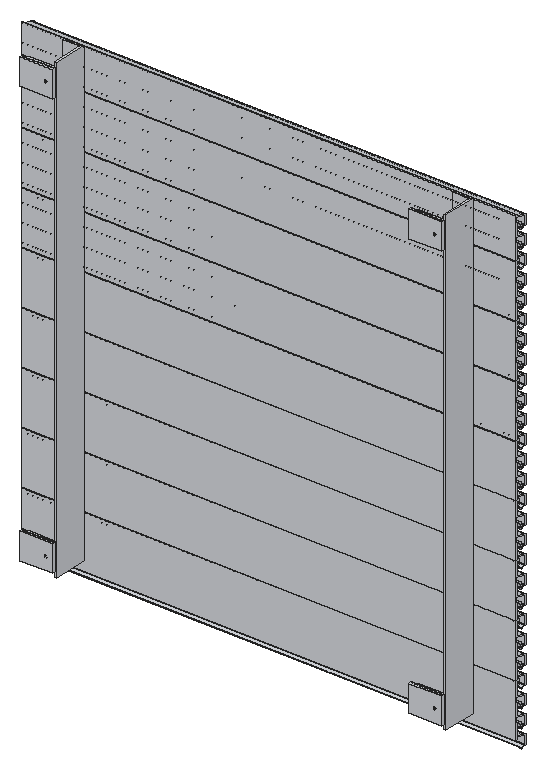
Revit family "NLRS_23_GM_WPB_HS27R gevelbekleding_jazo_jazo", category Generic Models, Revit 2020
Family settings
  Can host rebar = No
  Round Connector Dimension = Use Diameter
  Part Type = Normal
  OmniClass Number = 23.30.60.11.17.11
  OmniClass Title = Fixed Exterior Louvers and Grilles
  Work Plane-Based = Yes
  Always vertical = No
  Cut with Voids When Loaded = No
  Shared = No
  Room Calculation Point = No
Parameters (values of type "TYPECATALOG")
  Width [instance] = 1000.0 mm
  URL = "www.jazo.com"
  NLRS_C_zichtbaar_06 [instance] = if(NLRS_C_zichtbaar_01, if(and(JAZO_C_calculatie_01 < 96.9 mm, not(JAZO_C_calculatie_01 < 60.9 mm)), 1 < 2, 2 < 1), 2 < 1)  # no
  NLRS_C_zichtbaar_05 [instance] = if(NLRS_C_zichtbaar_01, if(and(JAZO_C_calculatie_01 < 132.9 mm, not(JAZO_C_calculatie_01 < 96.9 mm)), 1 < 2, 2 < 1), 2 < 1)  # no
  NLRS_C_zichtbaar_04 [instance] = if(NLRS_C_zichtbaar_01, if(NLRS_C_diepte < (NLRS_C_diepte_02 + 42.0 mm), 1 < 2, 1 > 2), 2 < 1)  # no
  NLRS_C_zichtbaar_03 [instance] = if(NLRS_C_zichtbaar_01, if(not(NLRS_C_diepte < (NLRS_C_diepte_02 + 42.0 mm)), 1 < 2, 1 > 2), 2 < 1)  # yes
  NLRS_C_zichtbaar_02 [instance] = if(NLRS_C_breedte > 6000.0 mm, 1 < 2, 2 < 1)  # no
  NLRS_C_zichtbaar_01 [instance] = if(not(NLRS_C_breedte > 6000.0 mm), 1 < 2, 2 < 1)  # yes
  NLRS_C_stelruimte = 5.0 mm  # constant formula
  NLRS_C_leverancier_url = "www.jazo.com"  # constant formula
  NLRS_C_leverancier_telefoonnummer = "+31 316 - 59 29 11"  # constant formula
  NLRS_C_leverancier_postcode = "6905 DJ"  # constant formula
  NLRS_C_leverancier_plaats = "Zevenaar"  # constant formula
  NLRS_C_leverancier_email = "info@jazo.com"  # constant formula
  NLRS_C_leverancier_bedrijfsnaam = "JAZO Zevenaar bv"  # constant formula
  NLRS_C_leverancier_adres = "Handelsdwarsstraat 10"  # constant formula
  NLRS_C_lengte_01 [instance] = NLRS_C_aantal_01 * 108.0 mm  # 864.0 mm
  NLRS_C_hoogte_min = 360.0 mm  # constant formula
  NLRS_C_hoogte_02 [instance] = NLRS_C_hoogte - 6.8 mm - 77.5 mm - 25.0 mm  # 890.7 mm
  NLRS_C_hoogte_01 [instance] = NLRS_C_hoogte + (NLRS_C_stelruimte * 2)  # 1010.0 mm
  NLRS_C_hoogte [instance] = if(Height < NLRS_C_hoogte_min, NLRS_C_hoogte_min, Height)  # 1000.0 mm
  NLRS_C_diepte_min = if(JAZO_C_opbouwrooster HS27R, 16.0 mm + 25.0 mm, 0.0 mm)  # 41.0 mm
  NLRS_C_diepte_max = if(JAZO_C_opbouwrooster HS27R, 300.0 mm + 25.0 mm, 0.0 mm)  # 325.0 mm
  NLRS_C_diepte_02 = if(JAZO_C_opbouwrooster HS27R, 25.0 mm, 0.0 mm)  # 25.0 mm
  NLRS_C_diepte_01 [instance] = if(NLRS_C_diepte < NLRS_C_diepte_min, NLRS_C_diepte_min, if(NLRS_C_diepte > NLRS_C_diepte_max, NLRS_C_diepte_max, NLRS_C_diepte))  # 100.0 mm
  NLRS_C_diepte [instance] = Diepte  # 100.0 mm
  NLRS_C_content_versie = "2.3"  # constant formula
  NLRS_C_content_revit versie = "REVIT 2020.2"  # constant formula
  NLRS_C_content_provider = "JAZO Zevenaar bv"  # constant formula
  NLRS_C_content_datum uitgifte = "17-8-2022"  # constant formula
  NLRS_C_content_datum gewijzigd = "9-11-2022"  # constant formula
  NLRS_C_content_creator = "JAZO Zevenaar bv"  # constant formula
  NLRS_C_breedte_min [instance] = 350.0 mm  # constant formula
  NLRS_C_breedte_03 [instance] = if(NLRS_C_breedte > 6001.0 mm, NLRS_C_breedte, 6001.0 mm)  # 6001.0 mm
  NLRS_C_breedte_02 [instance] = if(NLRS_C_breedte < 6000.0 mm, if(NLRS_C_breedte < NLRS_C_breedte_min, NLRS_C_breedte_min, NLRS_C_breedte), 6000.0 mm)  # 1000.0 mm
  NLRS_C_breedte_01 [instance] = NLRS_C_breedte + (NLRS_C_stelruimte * 2)  # 1010.0 mm
  NLRS_C_breedte [instance] = Width  # 1000.0 mm
  NLRS_C_aantal_03 [instance] = rounddown(NLRS_C_breedte_03 / 6000.0 mm) + 1  # 2
  NLRS_C_aantal_02 [instance] = roundup(NLRS_C_breedte / 1000.0 mm) + 1  # 2
  NLRS_C_aantal_01 [instance] = rounddown(NLRS_C_hoogte_02 / 108.0 mm)  # 8
  NLRS_C_aantal [instance] = rounddown(NLRS_C_breedte_03 / 6000.0 mm)  # 1
  Model = "HS27R gevelbekleding"  # constant formula
  Manufacturer = "JAZO Zevenaar bv"  # constant formula
  MIN HEIGHT [instance] = NLRS_C_hoogte_min  # 360.0 mm
  MIN DIEPTE [instance] = NLRS_C_diepte_min  # 41.0 mm
  MIN WIDTH [instance] = NLRS_C_breedte_min  # 350.0 mm
  MAX DIEPTE [instance] = NLRS_C_diepte_max  # 325.0 mm
  JAZO_C_opbouwrooster HS27R = 1 < 2  # yes
  JAZO_C_materiaal schoep = none
  JAZO_C_materiaal bevestiging gevelbekleding = none
  JAZO_C_calculatie_02 [instance] = (NLRS_C_breedte_03 / (1 + NLRS_C_aantal)) - 1.0 mm  # 2999.5 mm
  JAZO_C_calculatie_01 [instance] = NLRS_C_hoogte - NLRS_C_lengte_01 - 77.5 mm - 6.8 mm  # 51.7 mm
  Height [instance] = 1000.0 mm
  Diepte [instance] = 100.0 mm
  Description = "HS27R gevelbekleding"  # constant formula
  Default Elevation = 0.0 mm
  Assembly Code = "23.30.60.11.17.11"
Reference planes
  plane 1 "Center (Front/Back)": y = 0
  plane 2 "stelruimte o": z = 0
  plane 3 "Center (Left/Right)": x = 0
  plane 4 "Left": x = -500
  plane 5 "Right": x = 500
  plane 6 "stelruimte l": x = -505
  plane 7 "stelruimte r": x = 505
  plane 8: y = 100
  plane 9 "stelruimte b": z = 1010
  plane 10 "Center (Elevation)": z = 505
  plane 11 "Top": z = 1005
  plane 12 "Bottom": z = 5
  plane 13 "start schoep": z = 998.2
  plane 14 "sectie 1": z = 920.7
  plane 15 "sectie 2": z = 56.7
  plane 16 "left 1": x = -500
  plane 17 "right 1": x = 500
  plane 18 "left 2": x = -3000.5
  plane 19 "right 2": x = 3000.5
Dimensions and locks
  equal spacing: plane 4 "Left", plane 3 "Center (Left/Right)", plane 5 "Right"
  "NLRS_C_breedte": plane 4 "Left" to plane 5 "Right"
  equal spacing: plane 6 "stelruimte l", plane 3 "Center (Left/Right)", plane 7 "stelruimte r"
  "NLRS_C_breedte_01": plane 6 "stelruimte l" to plane 7 "stelruimte r"
  "NLRS_C_diepte_01": plane 1 "Center (Front/Back)" to plane 8
  equal spacing: plane 9 "stelruimte b", plane 10 "Center (Elevation)", plane 2 "stelruimte o"
  "NLRS_C_hoogte": plane 11 "Top" to plane 12 "Bottom"
  equal spacing: plane 11 "Top", plane 10 "Center (Elevation)", plane 12 "Bottom"
  "NLRS_C_hoogte_01": plane 9 "stelruimte b" to plane 2 "stelruimte o"
  locked: plane 11 "Top" to plane 13 "start schoep" at 6.8
  locked: plane 13 "start schoep" to plane 14 "sectie 1" at 77.5
  group 1 to group 2 = 782.0 mm
  group 1 to group 2 = 0.0 mm  (x2)
  group 3 to group 4 = 782.0 mm
  group 3 to group 4 = 0.0 mm  (x2)
  equal spacing: group 5, group 6, group 9, group 10, group 11, group 12, group 13, group 14  (x2)
  equal spacing: group 14, group 13, group 12, group 11, group 10, group 9, group 6, group 5
  locked: plane 14 "sectie 1" to nested 7 at 108
  "NLRS_C_breedte_02": plane 16 "left 1" to plane 17 "right 1"
  equal spacing: plane 16 "left 1", plane 3 "Center (Left/Right)", plane 17 "right 1"
  locked: plane 16 "left 1" to nested 1 at 109
  locked: plane 16 "left 1" to nested 3 at 109
  locked: nested 2 to plane 17 "right 1" at 109
  locked: nested 4 to plane 17 "right 1" at 109
  equal spacing: plane 18 "left 2", plane 3 "Center (Left/Right)", plane 19 "right 2"
  "NLRS_C_breedte_03": plane 18 "left 2" to plane 19 "right 2"
  group 7 to group 8 = 3001.5 mm
  group 7 to group 8 = 0.0 mm  (x2)
  "NLRS_C_lengte_01": plane 14 "sectie 1" to plane 15 "sectie 2"
  aligned and locked: level to plane 2 "stelruimte o"
  aligned and locked: nested 1 to plane 1 "Center (Front/Back)"
  aligned and locked: plane 11 "Top" to nested 1
  aligned and locked: nested 2 to plane 1 "Center (Front/Back)"
  aligned and locked: plane 11 "Top" to nested 2
  aligned and locked: plane 1 "Center (Front/Back)" to nested 3
  aligned and locked: plane 3 "Center (Left/Right)" to nested 5
  aligned and locked: plane 8 to nested 5
  aligned and locked: plane 13 "start schoep" to nested 5
  aligned and locked: plane 3 "Center (Left/Right)" to nested 6
  aligned and locked: plane 8 to nested 6
  aligned and locked: plane 14 "sectie 1" to nested 6
  aligned and locked: plane 8 to nested 7
  aligned and locked: plane 1 "Center (Front/Back)" to nested 4
  aligned and locked: plane 8 to nested 9
  aligned and locked: plane 15 "sectie 2" to nested 9
  aligned and locked: plane 15 "sectie 2" to nested 8
  aligned and locked: plane 8 to nested 8
  aligned and locked: plane 18 "left 2" to nested 10
  aligned and locked: nested 11 to plane 19 "right 2"
  aligned and locked: nested 10 to plane 1 "Center (Front/Back)"
  aligned and locked: plane 1 "Center (Front/Back)" to nested 11
  aligned and locked: nested 3 to plane 11 "Top"
  aligned and locked: nested 4 to plane 11 "Top"
  aligned and locked: plane 3 "Center (Left/Right)" to nested 12
  aligned and locked: nested 12 to plane 8
Nested families
  nested 1: "NLRS_31_GM_UN_bracket los-AV" at (-391, 100, 5) x (-1, 0, 0) z (0, 0, 1), NLRS_C_zichtbaar_01 <- "NLRS_C_zichtbaar_03", type "bracket los"
    with NLRS_C_zichtbaar_01 yes, NLRS_C_hoogte 1000.0 mm, NLRS_C_diepte_max 325.0 mm, NLRS_C_diepte_02 25.0 mm, NLRS_C_diepte_01 100.0 mm, NLRS_C_diepte 100.0 mm, NLRS_C_aantal 2, JAZO_C_opbouwrooster HS50R no, JAZO_C_opbouwrooster HS27R yes
  nested 2: "NLRS_31_GM_UN_bracket los-AV" at (391, 100, 5) x (-1, 0, 0) z (0, 0, 1), NLRS_C_zichtbaar_01 <- "NLRS_C_zichtbaar_03", type "bracket los"
    with NLRS_C_zichtbaar_01 yes, NLRS_C_hoogte 1000.0 mm, NLRS_C_diepte_max 325.0 mm, NLRS_C_diepte_02 25.0 mm, NLRS_C_diepte_01 100.0 mm, NLRS_C_diepte 100.0 mm, NLRS_C_aantal 2, JAZO_C_opbouwrooster HS50R no, JAZO_C_opbouwrooster HS27R yes
  nested 3: "NLRS_31_GM_UN_omega los-AV" at (-391, 67, 5), NLRS_C_zichtbaar_01 <- "NLRS_C_zichtbaar_04", type "omega los"
    with NLRS_C_zichtbaar_01 no, NLRS_C_hoogte 1000.0 mm, NLRS_C_diepte 100.0 mm
  nested 4: "NLRS_31_GM_UN_omega los-AV" at (391, 67, 5), NLRS_C_zichtbaar_01 <- "NLRS_C_zichtbaar_04", type "omega los"
    with NLRS_C_zichtbaar_01 no, NLRS_C_hoogte 1000.0 mm, NLRS_C_diepte 100.0 mm
  nested 5: "NLRS_31_GM_UN_start skin schoep HS27R-AV" at (0, 87.5, 895.754), NLRS_C_zichtbaar_01 <- "NLRS_C_zichtbaar_01", type "start skin schoep"
    with NLRS_C_zichtbaar_01 yes, NLRS_C_breedte 1000.0 mm
  nested 6: "NLRS_31_GM_UN_skin schoep HS27R stack-AV" at (0, 87.5, 787.764), NLRS_C_zichtbaar_01 <- "NLRS_C_zichtbaar_01", type "skin schoep stack"
    with NLRS_C_zichtbaar_01 yes, NLRS_C_breedte 1000.0 mm
  nested 7: "NLRS_31_GM_UN_skin schoep HS27R stack-AV" at (0, 87.5, 679.764), NLRS_C_zichtbaar_01 <- "NLRS_C_zichtbaar_01", type "skin schoep stack"
    with NLRS_C_zichtbaar_01 yes, NLRS_C_breedte 1000.0 mm
  nested 8: "NLRS_31_GM_UN_skin schoep HS27R enkel-AV" at (0, 87.5, -4.204), NLRS_C_zichtbaar_01 <- "NLRS_C_zichtbaar_06", type "skin schoep"
    with NLRS_C_zichtbaar_01 no, NLRS_C_breedte 1000.0 mm
  nested 9: "NLRS_31_GM_UN_skin schoep HS27R dubbel-AV" at (0, 87.5, -40.204), NLRS_C_zichtbaar_01 <- "NLRS_C_zichtbaar_05", type "skin schoep"
    with NLRS_C_zichtbaar_01 no, NLRS_C_breedte 1000.0 mm
  nested 10: "NLRS_23_GM_WPB_jazo skin HS27R los_jazo_jazo" at (-1500.75, 0, 0), NLRS_C_breedte <- "JAZO_C_calculatie_02", NLRS_C_hoogte <- "NLRS_C_hoogte", NLRS_C_diepte <- "NLRS_C_diepte", NLRS_C_zichtbaar_02 <- "NLRS_C_zichtbaar_02", type "HS27R jazo skin los"
    with NLRS_C_zichtbaar_06 no, NLRS_C_zichtbaar_05 no, NLRS_C_zichtbaar_04 no, NLRS_C_zichtbaar_03 yes, NLRS_C_zichtbaar_02 no, NLRS_C_zichtbaar_01 yes, NLRS_C_lengte_01 864.0 mm, NLRS_C_hoogte_02 890.7 mm, NLRS_C_hoogte_01 1010.0 mm, NLRS_C_hoogte 1000.0 mm, NLRS_C_diepte_01 100.0 mm, NLRS_C_diepte 100.0 mm, NLRS_C_breedte_01 3009.5 mm, NLRS_C_breedte 2999.5 mm, NLRS_C_aantal_02 4, NLRS_C_aantal_01 8, JAZO_C_calculatie_01 51.7 mm
  nested 11: "NLRS_23_GM_WPB_jazo skin HS27R los_jazo_jazo" at (1500.75, 0, 0), NLRS_C_breedte <- "JAZO_C_calculatie_02", NLRS_C_hoogte <- "NLRS_C_hoogte", NLRS_C_diepte <- "NLRS_C_diepte", NLRS_C_zichtbaar_02 <- "NLRS_C_zichtbaar_02", type "HS27R jazo skin los"
    with NLRS_C_zichtbaar_06 no, NLRS_C_zichtbaar_05 no, NLRS_C_zichtbaar_04 no, NLRS_C_zichtbaar_03 yes, NLRS_C_zichtbaar_02 no, NLRS_C_zichtbaar_01 yes, NLRS_C_lengte_01 864.0 mm, NLRS_C_hoogte_02 890.7 mm, NLRS_C_hoogte_01 1010.0 mm, NLRS_C_hoogte 1000.0 mm, NLRS_C_diepte_01 100.0 mm, NLRS_C_diepte 100.0 mm, NLRS_C_breedte_01 3009.5 mm, NLRS_C_breedte 2999.5 mm, NLRS_C_aantal_02 4, NLRS_C_aantal_01 8, JAZO_C_calculatie_01 51.7 mm
  nested 12: "NLRS_31_GA_UN_error message skin" at (0, 100, 0), type "error message"
    with NLRS_C_zichtbaar_10 no, NLRS_C_zichtbaar_03 no, NLRS_C_hoogte 1000.0 mm, NLRS_C_diepte_min 41.0 mm, NLRS_C_diepte_max 325.0 mm
  nested 13: "NLRS_31_GM_UN_skin schoep HS27R stack-AV" at (0, 87.5, 571.764), NLRS_C_zichtbaar_01 <- "NLRS_C_zichtbaar_01", type "skin schoep stack"
    with NLRS_C_zichtbaar_01 yes, NLRS_C_breedte 1000.0 mm
  nested 14: "NLRS_31_GM_UN_skin schoep HS27R stack-AV" at (0, 87.5, 463.764), NLRS_C_zichtbaar_01 <- "NLRS_C_zichtbaar_01", type "skin schoep stack"
    with NLRS_C_zichtbaar_01 yes, NLRS_C_breedte 1000.0 mm
  nested 15: "NLRS_31_GM_UN_skin schoep HS27R stack-AV" at (0, 87.5, 355.764), NLRS_C_zichtbaar_01 <- "NLRS_C_zichtbaar_01", type "skin schoep stack"
    with NLRS_C_zichtbaar_01 yes, NLRS_C_breedte 1000.0 mm
  nested 16: "NLRS_31_GM_UN_skin schoep HS27R stack-AV" at (0, 87.5, 247.764), NLRS_C_zichtbaar_01 <- "NLRS_C_zichtbaar_01", type "skin schoep stack"
    with NLRS_C_zichtbaar_01 yes, NLRS_C_breedte 1000.0 mm
  nested 17: "NLRS_31_GM_UN_skin schoep HS27R stack-AV" at (0, 87.5, 139.764), NLRS_C_zichtbaar_01 <- "NLRS_C_zichtbaar_01", type "skin schoep stack"
    with NLRS_C_zichtbaar_01 yes, NLRS_C_breedte 1000.0 mm
  nested 18: "NLRS_31_GM_UN_skin schoep HS27R stack-AV" at (0, 87.5, 31.764), NLRS_C_zichtbaar_01 <- "NLRS_C_zichtbaar_01", type "skin schoep stack"
    with NLRS_C_zichtbaar_01 yes, NLRS_C_breedte 1000.0 mm
Definition of nested family "NLRS_31_GM_UN_bracket los-AV"
  Parameters (values of type "bracket los")
    URL = "www.jazo.com"
    NLRS_C_zichtbaar_01 [instance] = yes
    NLRS_C_stelruimte_02 = 66.3 mm  # constant formula
    NLRS_C_stelruimte_01 = 6.8 mm  # constant formula
    NLRS_C_materiaal = none
    NLRS_C_lengte = 30.0 mm  # constant formula
    NLRS_C_hoogte = 1200.0 mm
    NLRS_C_diepte_min = 67.0 mm  # constant formula
    NLRS_C_diepte_max = 300.0 mm + NLRS_C_diepte_02  # 366.5 mm
    NLRS_C_diepte_02 = if(JAZO_C_opbouwrooster HS27R, 25.0 mm, if(JAZO_C_opbouwrooster HS42R, 45.0 mm, if(JAZO_C_opbouwrooster HS50R, 66.5 mm, 0.0 mm)))  # 66.5 mm
    NLRS_C_diepte_01 = if(NLRS_C_diepte < NLRS_C_diepte_min, NLRS_C_diepte_min, if(NLRS_C_diepte > NLRS_C_diepte_max, NLRS_C_diepte_max, NLRS_C_diepte))  # 150.0 mm
    NLRS_C_diepte = 150.0 mm
    NLRS_C_aantal = roundup(NLRS_C_hoogte / 1000.0 mm) + 1  # 3
    Model = ""
    Manufacturer = "JAZO Zevenaar bv"
    JAZO_C_opbouwrooster HS50R = yes
    JAZO_C_opbouwrooster HS42R = no
    JAZO_C_opbouwrooster HS27R = no
    Description = "bracket los"
    Default Elevation = 0.0 mm
    Assembly Code = "23.30.60.11.17.11"
  Reference planes
    plane 1 "Center (Front/Back)": y = 0
    plane 2 "Bottom": z = 0
    plane 3 "Center (Left/Right)": x = 0
    plane 4 "Top": z = 1200
    plane 5 "wand": y = 150
    plane 6 "bevestiging": y = 120
    plane 7 "onderkant bracket": z = 66.3
    plane 8 "bovenkant bracket": z = 1193.2
    plane 9 "bovenkant schoepen": y = 66.5
  Forms (mm)
    Extrusion 1, solid, material <- "NLRS_C_materiaal", visible <- "NLRS_C_zichtbaar_01"
      sketch origin (-17, 0, 0) x (-1, 0, 0) y (0, -1, 0)
        loop
          line (-36, -66.5) -> (-36, -70.5) -> (-2, -70.5) -> (-2, -143) -> (2, -143) -> (2, -66.5) -> (-36, -66.5)
      from 66.3 to 1193.2
  Dimensions and locks
    "NLRS_C_diepte_01": plane 1 "Center (Front/Back)" to plane 5 "wand"
    "NLRS_C_lengte": plane 5 "wand" to plane 6 "bevestiging"
    "NLRS_C_hoogte": plane 4 "Top" to plane 2 "Bottom"
    "NLRS_C_stelruimte_02": plane 7 "onderkant bracket" to plane 2 "Bottom"
    "NLRS_C_stelruimte_01": plane 4 "Top" to plane 8 "bovenkant bracket"
    "NLRS_C_diepte_02": plane 1 "Center (Front/Back)" to plane 9 "bovenkant schoepen"
    locked: plane 8 "bovenkant bracket" to nested 1 at 10
    equal spacing: group 1, group 3, group 2  (x2)
    equal spacing: group 2, group 3, group 1
    locked: nested 2 to plane 7 "onderkant bracket" at 10
    locked: plane 5 "wand" to Extrusion 1 at 7
    locked: plane 3 "Center (Left/Right)" to Extrusion 1 at 19
    locked: Extrusion 1 to plane 3 "Center (Left/Right)" at 19
    aligned and locked: level to plane 2 "Bottom"
    aligned and locked: plane 5 "wand" to nested 1
    aligned and locked: plane 8 "bovenkant bracket" to Extrusion 1
    aligned and locked: Extrusion 1 to plane 7 "onderkant bracket"
    aligned and locked: nested 2 to plane 6 "bevestiging"
    aligned and locked: Extrusion 1 to plane 9 "bovenkant schoepen"
  Automatic sketch dimensions
    Extrusion 1 sketch curve to plane 9 "bovenkant schoepen" = 0.0 mm
    Extrusion 1 sketch curve to plane 3 "Center (Left/Right)" = 19.0 mm
    plane 3 "Center (Left/Right)" to Extrusion 1 sketch curve = 15.0 mm
    plane 3 "Center (Left/Right)" to Extrusion 1 sketch curve = 19.0 mm
    Extrusion 1 sketch curve to plane 9 "bovenkant schoepen" = 4.0 mm
    Extrusion 1 sketch curve to plane 6 "bevestiging" = 23.0 mm
  Nested families
    nested 1: "NLRS_31_GM_UN_bracket bevestiging-AV" at (16.5, 120, 1130.2), visible <- "NLRS_C_zichtbaar_01", type "bracket bevestiging"
      with NLRS_C_diepte 30.0 mm, NLRS_C_afstand 21.0 mm
    nested 2: "NLRS_31_GM_UN_bracket bevestiging-AV" at (16.5, 120, 76.3), visible <- "NLRS_C_zichtbaar_01", type "bracket bevestiging"
      with NLRS_C_diepte 30.0 mm, NLRS_C_afstand 21.0 mm
    nested 3: "NLRS_31_GM_UN_bracket bevestiging-AV" at (16.5, 120, 603.25), visible <- "NLRS_C_zichtbaar_01", type "bracket bevestiging"
      with NLRS_C_diepte 30.0 mm, NLRS_C_afstand 21.0 mm
  Definition of nested family "NLRS_31_GM_UN_bracket bevestiging-AV"
    Parameters (values of type "bracket bevestiging")
      URL = "www.jazo.com"
      NLRS_C_zichtbaar_01 = yes
      NLRS_C_materiaal = none
      NLRS_C_diepte = 200.0 mm
      NLRS_C_afstand = NLRS_C_diepte - 9.0 mm  # 191.0 mm
      Model = ""
      Manufacturer = "JAZO Zevenaar bv"
      Description = "bracket bevestiging"
      Default Elevation = 0.0 mm
      Assembly Code = "23.30.60.11.17.11"
    Reference planes
      plane 1 "Center (Front/Back)": y = 0
      plane 2 "Bottom": z = 0
      plane 3 "Center (Left/Right)": x = 0
      plane 4 "Top": z = 53
      plane 5 "wand": y = 200
    Forms (mm)
      Extrusion 1, solid, material <- "NLRS_C_materiaal", visible <- "NLRS_C_zichtbaar_01"
        sketch origin (0.5, 41.5, 0) x (1, 0, 0) y (0, 1, 0)
          loop
            line (-32, -41.5) -> (-28, -41.5) -> (-28, 149.5) -> (20, 149.5) -> (22, 151.5) -> (32, 151.5) -> (32, 153.5) -> (-32, 153.5) -> (-32, -41.5)
        from 0 to 53
      Extrusion 2, solid, material <- "NLRS_C_materiaal", visible <- "NLRS_C_zichtbaar_01"
        sketch origin (0.5, 41.5, 0) x (1, 0, 0) y (0, 1, 0)
          loop
            line (32, 153.5) -> (32, 158.5) -> (-33, 158.5) -> (-33, 153.5) -> (32, 153.5)
        from 0 to 53
      Extrusion 3, void
        sketch origin (-0.412, 0, -0.145) x (1, 0, 0) y (0, 0, 1)
          loop
            circle (-19.588, 26.645) r 2.5
        from -200 to -191
      Extrusion 4, void
        sketch origin (0, -2.095, -0.377) x (0, 1, 0) y (0, 0, 1)
          loop
            circle (13.595, 35.877) r 2.5
        from -31.5 to -27.5
      Extrusion 5, void
        sketch origin (0, -2.095, -18.377) x (0, 1, 0) y (0, 0, 1)
          loop
            circle (13.595, 35.877) r 2.5
        from -31.5 to -27.5
    Cuts and joins
      Extrusion 3, Extrusion 4, Extrusion 5 cuts Extrusion 1
      Extrusion 3 cuts Extrusion 2
    Dimensions and locks
      "NLRS_C_diepte": plane 1 "Center (Front/Back)" to plane 5 "wand"
      "NLRS_C_afstand": plane 1 "Center (Front/Back)" to Extrusion 1
      aligned and locked: level to plane 2 "Bottom"
      aligned and locked: Extrusion 3 to plane 5 "wand"
      aligned and locked: Extrusion 1 to Extrusion 3
      aligned and locked: Extrusion 1 to Extrusion 4  (x2)
      aligned and locked: Extrusion 1 to Extrusion 5  (x2)
    Automatic sketch dimensions
      plane 1 "Center (Front/Back)" to Extrusion 1 sketch curve = 0.0 mm
      Extrusion 1 sketch curve to plane 5 "wand" = 5.0 mm
      plane 3 "Center (Left/Right)" to Extrusion 1 sketch curve = 31.5 mm
      Extrusion 1 sketch curve to Extrusion 1 sketch curve = 4.0 mm
      Extrusion 1 sketch curve to plane 5 "wand" = 9.0 mm
      Extrusion 1 sketch curve to plane 3 "Center (Left/Right)" = 20.5 mm
      Extrusion 1 sketch curve to Extrusion 1 sketch curve = 2.0 mm  (x2)
      Extrusion 1 sketch curve to Extrusion 1 sketch curve = 10.0 mm
      plane 5 "wand" to Extrusion 2 sketch curve = 0.0 mm
      Extrusion 2 sketch curve to plane 5 "wand" = 5.0 mm
      plane 3 "Center (Left/Right)" to Extrusion 2 sketch curve = 32.5 mm
      Extrusion 2 sketch curve to plane 3 "Center (Left/Right)" = 32.5 mm
      Extrusion 3 sketch curve to plane 3 "Center (Left/Right)" = 20.0 mm
      Extrusion 3 sketch curve to plane 4 "Top" = 26.5 mm
      Extrusion 4 sketch curve to plane 1 "Center (Front/Back)" = 11.5 mm
      Extrusion 4 sketch curve to plane 4 "Top" = 17.5 mm
      Extrusion 5 sketch curve to plane 1 "Center (Front/Back)" = 11.5 mm
      level to Extrusion 5 sketch curve = 17.5 mm
      radius of Extrusion 3 sketch curve = 2.5 mm
      radius of Extrusion 4 sketch curve = 2.5 mm
      radius of Extrusion 5 sketch curve = 2.5 mm
Definition of nested family "NLRS_31_GM_UN_start skin schoep HS27R-AV"
  Parameters (values of type "start skin schoep")
    URL = "www.jazo.com"
    NLRS_C_zichtbaar_01 [instance] = yes
    NLRS_C_stelruimte_01 = 4.0 mm  # constant formula
    NLRS_C_materiaal = none
    NLRS_C_breedte = 750.0 mm
    Model = ""
    Manufacturer = "JAZO Zevenaar bv"
    Description = "start skin schoep"
    Default Elevation = 0.0 mm
    Assembly Code = "23.30.60.11.17.11"
  Reference planes
    plane 1 "Center (Front/Back)": y = 0
    plane 2 "Bottom": z = 0
    plane 3 "Center (Left/Right)": x = 0
    plane 4 "Left": x = -375
    plane 5 "Right": x = 375
    plane 6 "Top": z = 102.446
    plane 7 "schoep l": x = -371
    plane 8 "schoep r": x = 371
    plane 9 "voorkant schoep": y = 12.5
    plane 10 "achterkant schoep": y = -12.5
  Forms (mm)
    Extrusion 1, solid, material <- "NLRS_C_materiaal", visible <- "NLRS_C_zichtbaar_01"
      sketch origin (0, -12.5, 0) x (0, -1, 0) y (0, 0, -1)
        loop
          arc (-15.667, -1.769) -> (-15.031, -0.667) -> (-16.133, -0.031) r 0.9
          line (-16.133, -0.031) -> (-24.259, -2.208)
          arc (-24.259, -2.208) -> (-24.793, -2.565) -> (-25, -3.174) r 1
          line (-25, -3.174) -> (-25, -21.639)
          arc (-25, -21.639) -> (-24.793, -22.248) -> (-24.259, -22.605) r 1
          line (-24.259, -22.605) -> (-2.641, -28.398)
          arc (-2.641, -28.398) -> (-2.107, -28.755) -> (-1.9, -29.364) r 1
          line (-1.9, -29.364) -> (-1.9, -49.501)
          arc (-1.9, -49.501) -> (-2.291, -50.295) -> (-3.159, -50.467) r 1
          line (-3.159, -50.467) -> (-11.106, -48.338)
          arc (-11.106, -48.338) -> (-11.555, -48.079) -> (-11.813, -47.631) r 1
          line (-11.813, -47.631) -> (-14.744, -36.694)
          arc (-14.744, -36.694) -> (-15.21, -36.087) -> (-15.969, -35.987) r 1
          line (-15.969, -35.987) -> (-24.259, -38.208)
          arc (-24.259, -38.208) -> (-24.793, -38.565) -> (-25, -39.174) r 1
          line (-25, -39.174) -> (-25, -57.639)
          arc (-25, -57.639) -> (-24.793, -58.248) -> (-24.259, -58.605) r 1
          line (-24.259, -58.605) -> (-2.641, -64.398)
          arc (-2.641, -64.398) -> (-2.107, -64.755) -> (-1.9, -65.364) r 1
          line (-1.9, -65.364) -> (-1.9, -85.501)
          arc (-1.9, -85.501) -> (-2.291, -86.295) -> (-3.159, -86.467) r 1
          line (-3.159, -86.467) -> (-11.106, -84.338)
          arc (-11.106, -84.338) -> (-11.555, -84.079) -> (-11.813, -83.631) r 1
          line (-11.813, -83.631) -> (-14.744, -72.694)
          arc (-14.744, -72.694) -> (-15.21, -72.087) -> (-15.969, -71.987) r 1
          line (-15.969, -71.987) -> (-24.259, -74.208)
          arc (-24.259, -74.208) -> (-24.793, -74.565) -> (-25, -75.174) r 1
          line (-25, -75.174) -> (-25, -93.639)
          arc (-25, -93.639) -> (-24.793, -94.248) -> (-24.259, -94.605) r 1
          line (-24.259, -94.605) -> (-2.641, -100.398)
          arc (-2.641, -100.398) -> (-2.107, -100.755) -> (-1.9, -101.364) r 1
          line (-1.9, -101.364) -> (-1.9, -102.446) -> (0, -102.446) -> (0, -20.736) -> (-2.687, -20.736) -> (-2.687, -22.936) -> (-1.9, -22.936) -> (-1.9, -25.015)
          arc (-1.9, -25.015) -> (-2.291, -25.809) -> (-3.159, -25.981) r 1
          line (-3.159, -25.981) -> (-22.459, -20.81)
          arc (-22.459, -20.81) -> (-22.993, -20.453) -> (-23.2, -19.844) r 1
          line (-23.2, -19.844) -> (-23.2, -4.555)
          arc (-23.2, -4.555) -> (-22.993, -3.946) -> (-22.459, -3.589) r 1
          line (-22.459, -3.589) -> (-15.667, -1.769)
        loop
          arc (-15.734, -38.408) -> (-16.2, -37.801) -> (-16.959, -37.701) r 1
          line (-16.959, -37.701) -> (-22.859, -39.282)
          arc (-22.859, -39.282) -> (-23.393, -39.639) -> (-23.6, -40.248) r 1
          line (-23.6, -40.248) -> (-23.6, -56.565)
          arc (-23.6, -56.565) -> (-23.393, -57.174) -> (-22.859, -57.531) r 1
          line (-22.859, -57.531) -> (-2.659, -62.944)
          arc (-2.659, -62.944) -> (-1.791, -62.771) -> (-1.4, -61.978) r 1
          line (-1.4, -61.978) -> (-1.4, -53.155)
          arc (-1.4, -53.155) -> (-1.607, -52.546) -> (-2.141, -52.189) r 1
          line (-2.141, -52.189) -> (-12.249, -49.481)
          arc (-12.249, -49.481) -> (-12.698, -49.222) -> (-12.956, -48.774) r 1
          line (-12.956, -48.774) -> (-15.734, -38.408)
        loop
          arc (-15.734, -74.408) -> (-16.2, -73.801) -> (-16.959, -73.701) r 1
          line (-16.959, -73.701) -> (-22.859, -75.282)
          arc (-22.859, -75.282) -> (-23.393, -75.639) -> (-23.6, -76.248) r 1
          line (-23.6, -76.248) -> (-23.6, -92.565)
          arc (-23.6, -92.565) -> (-23.393, -93.174) -> (-22.859, -93.531) r 1
          line (-22.859, -93.531) -> (-2.659, -98.944)
          arc (-2.659, -98.944) -> (-1.791, -98.771) -> (-1.4, -97.978) r 1
          line (-1.4, -97.978) -> (-1.4, -89.155)
          arc (-1.4, -89.155) -> (-1.607, -88.546) -> (-2.141, -88.189) r 1
          line (-2.141, -88.189) -> (-12.249, -85.481)
          arc (-12.249, -85.481) -> (-12.698, -85.222) -> (-12.956, -84.774) r 1
          line (-12.956, -84.774) -> (-15.734, -74.408)
      from -371 to 371
  Dimensions and locks
    equal spacing: plane 4 "Left", plane 3 "Center (Left/Right)", plane 5 "Right"
    "NLRS_C_breedte": plane 4 "Left" to plane 5 "Right"
    "NLRS_C_stelruimte_01": plane 4 "Left" to plane 7 "schoep l"
    "NLRS_C_stelruimte_01": plane 8 "schoep r" to plane 5 "Right"
    aligned and locked: level to plane 2 "Bottom"
    aligned and locked: Extrusion 1 to plane 8 "schoep r"
    aligned and locked: Extrusion 1 to plane 7 "schoep l"
  Automatic sketch dimensions
    Extrusion 1 sketch curve to plane 6 "Top" = 0.0 mm
    level to Extrusion 1 sketch curve = 3.174 mm
    Extrusion 1 sketch curve to plane 1 "Center (Front/Back)" = 12.5 mm  (x3)
    level to Extrusion 1 sketch curve = 2.208 mm
    Extrusion 1 sketch curve to Extrusion 1 sketch curve = 0.741 mm  (x8)
    Extrusion 1 sketch curve to Extrusion 1 sketch curve = 0.259 mm  (x26)
    Extrusion 1 sketch curve to Extrusion 1 sketch curve = 1.0 mm  (x10)
    Extrusion 1 sketch curve to Extrusion 1 sketch curve = 0.4 mm  (x2)
    Extrusion 1 sketch curve to Extrusion 1 sketch curve = 0.8 mm
    Extrusion 1 sketch curve to Extrusion 1 sketch curve = 1.141 mm  (x4)
    level to Extrusion 1 sketch curve = 3.589 mm
    Extrusion 1 sketch curve to plane 1 "Center (Front/Back)" = 4.459 mm  (x2)
    level to Extrusion 1 sketch curve = 0.031 mm
    Extrusion 1 sketch curve to plane 1 "Center (Front/Back)" = 3.633 mm
    Extrusion 1 sketch curve to Extrusion 1 sketch curve = 0.99 mm  (x2)
    Extrusion 1 sketch curve to Extrusion 1 sketch curve = 0.233 mm  (x2)
    Extrusion 1 sketch curve to Extrusion 1 sketch curve = 0.966 mm  (x4)
    Extrusion 1 sketch curve to plane 1 "Center (Front/Back)" = 0.456 mm  (x2)
    plane 1 "Center (Front/Back)" to Extrusion 1 sketch curve = 0.251 mm  (x2)
    plane 1 "Center (Front/Back)" to Extrusion 1 sketch curve = 0.509 mm  (x2)
    plane 1 "Center (Front/Back)" to Extrusion 1 sketch curve = 0.687 mm  (x2)
    Extrusion 1 sketch curve to Extrusion 1 sketch curve = 0.884 mm  (x4)
    Extrusion 1 sketch curve to Extrusion 1 sketch curve = 7.947 mm  (x2)
    plane 1 "Center (Front/Back)" to Extrusion 1 sketch curve = 9.341 mm
    plane 1 "Center (Front/Back)" to Extrusion 1 sketch curve = 9.6 mm  (x2)
    Extrusion 1 sketch curve to plane 6 "Top" = 1.082 mm
    Extrusion 1 sketch curve to Extrusion 1 sketch curve = 0.213 mm
    Extrusion 1 sketch curve to plane 6 "Top" = 3.502 mm
    Extrusion 1 sketch curve to Extrusion 1 sketch curve = 0.241 mm  (x2)
    Extrusion 1 sketch curve to plane 6 "Top" = 2.048 mm
    Extrusion 1 sketch curve to Extrusion 1 sketch curve = 0.759 mm  (x2)
    Extrusion 1 sketch curve to Extrusion 1 sketch curve = 0.787 mm
    Extrusion 1 sketch curve to Extrusion 1 sketch curve = 2.687 mm
    Extrusion 1 sketch curve to plane 6 "Top" = 7.841 mm
    Extrusion 1 sketch curve to Extrusion 1 sketch curve = 0.108 mm  (x3)
    Extrusion 1 sketch curve to Extrusion 1 sketch curve = 8.822 mm  (x2)
    Extrusion 1 sketch curve to Extrusion 1 sketch curve = 1.722 mm  (x2)
    Extrusion 1 sketch curve to Extrusion 1 sketch curve = 0.986 mm  (x2)
    Extrusion 1 sketch curve to Extrusion 1 sketch curve = 0.707 mm  (x2)
    Extrusion 1 sketch curve to Extrusion 1 sketch curve = 0.177 mm  (x2)
    Extrusion 1 sketch curve to Extrusion 1 sketch curve = 8.525 mm  (x2)
    Extrusion 1 sketch curve to Extrusion 1 sketch curve = 1.074 mm
    Extrusion 1 sketch curve to Extrusion 1 sketch curve = 1.581 mm  (x2)
    Extrusion 1 sketch curve to Extrusion 1 sketch curve = 0.749 mm  (x2)
    Extrusion 1 sketch curve to Extrusion 1 sketch curve = 7.33 mm  (x2)
    Extrusion 1 sketch curve to Extrusion 1 sketch curve = 1.454 mm
    Extrusion 1 sketch curve to Extrusion 1 sketch curve = 15.603 mm  (x2)
    Extrusion 1 sketch curve to Extrusion 1 sketch curve = 2.416 mm
    Extrusion 1 sketch curve to Extrusion 1 sketch curve = 2.079 mm
    Extrusion 1 sketch curve to Extrusion 1 sketch curve = 0.829 mm
    Extrusion 1 sketch curve to Extrusion 1 sketch curve = 2.2 mm
    level to Extrusion 1 sketch curve = 1.769 mm
Definition of nested family "NLRS_31_GM_UN_skin schoep HS27R stack-AV"
  Parameters (values of type "skin schoep stack")
    URL = "www.jazo.com"
    NLRS_C_zichtbaar_01 [instance] = yes
    NLRS_C_stelruimte_01 = 4.0 mm  # constant formula
    NLRS_C_materiaal = none
    NLRS_C_breedte = 750.0 mm
    Model = ""
    Manufacturer = "JAZO Zevenaar bv"
    Description = "skin schoep stack"
    Default Elevation = 0.0 mm
    Assembly Code = "23.30.60.11.17.11"
  Reference planes
    plane 1 "Center (Front/Back)": y = 0
    plane 2 "Bottom": z = 0
    plane 3 "Center (Left/Right)": x = 0
    plane 4 "Left": x = -375
    plane 5 "Right": x = 375
    plane 6 "Top": z = 132.936
    plane 7 "schoep l": x = -371
    plane 8 "schoep r": x = 371
    plane 9 "voorkant schoep": y = 12.5
    plane 10 "achterkant schoep": y = -12.5
  Forms (mm)
    Extrusion 1, solid, material <- "NLRS_C_materiaal", visible <- "NLRS_C_zichtbaar_01"
      sketch origin (0, -12.5, 0) x (0, -1, 0) y (0, 0, -1)
        loop
          arc (-15.667, -1.738) -> (-15.031, -0.635) -> (-16.133, 0.001) r 0.9
          line (-16.133, 0.001) -> (-24.259, -2.176)
          arc (-24.259, -2.176) -> (-24.793, -2.533) -> (-25, -3.142) r 1
          line (-25, -3.142) -> (-25, -21.608)
          arc (-25, -21.608) -> (-24.793, -22.216) -> (-24.259, -22.573) r 1
          line (-24.259, -22.573) -> (-2.641, -28.366)
          arc (-2.641, -28.366) -> (-2.107, -28.723) -> (-1.9, -29.332) r 1
          line (-1.9, -29.332) -> (-1.9, -49.501)
          arc (-1.9, -49.501) -> (-2.291, -50.295) -> (-3.159, -50.467) r 1
          line (-3.159, -50.467) -> (-11.106, -48.338)
          arc (-11.106, -48.338) -> (-11.555, -48.079) -> (-11.813, -47.631) r 1
          line (-11.813, -47.631) -> (-14.744, -36.694)
          arc (-14.744, -36.694) -> (-15.21, -36.087) -> (-15.969, -35.987) r 1
          line (-15.969, -35.987) -> (-24.259, -38.208)
          arc (-24.259, -38.208) -> (-24.793, -38.565) -> (-25, -39.174) r 1
          line (-25, -39.174) -> (-25, -57.639)
          arc (-25, -57.639) -> (-24.793, -58.248) -> (-24.259, -58.605) r 1
          line (-24.259, -58.605) -> (-2.641, -64.398)
          arc (-2.641, -64.398) -> (-2.107, -64.755) -> (-1.9, -65.364) r 1
          line (-1.9, -65.364) -> (-1.9, -85.501)
          arc (-1.9, -85.501) -> (-2.291, -86.295) -> (-3.159, -86.467) r 1
          line (-3.159, -86.467) -> (-11.106, -84.338)
          arc (-11.106, -84.338) -> (-11.555, -84.079) -> (-11.813, -83.631) r 1
          line (-11.813, -83.631) -> (-14.744, -72.694)
          arc (-14.744, -72.694) -> (-15.21, -72.087) -> (-15.969, -71.987) r 1
          line (-15.969, -71.987) -> (-24.259, -74.208)
          arc (-24.259, -74.208) -> (-24.793, -74.565) -> (-25, -75.174) r 1
          line (-25, -75.174) -> (-25, -93.639)
          arc (-25, -93.639) -> (-24.793, -94.248) -> (-24.259, -94.605) r 1
          line (-24.259, -94.605) -> (-2.641, -100.398)
          arc (-2.641, -100.398) -> (-2.107, -100.755) -> (-1.9, -101.364) r 1
          line (-1.9, -101.364) -> (-1.9, -117.136)
          arc (-1.9, -117.136) -> (-2.046, -117.49) -> (-2.4, -117.636) r 0.5
          line (-2.4, -117.636) -> (-7.4, -117.636)
          arc (-7.4, -117.636) -> (-7.754, -117.783) -> (-7.9, -118.136) r 0.5
          line (-7.9, -118.136) -> (-7.9, -119.636)
          arc (-7.9, -119.636) -> (-7.754, -119.99) -> (-7.4, -120.136) r 0.5
          line (-7.4, -120.136) -> (-2.4, -120.136)
          arc (-2.4, -120.136) -> (-2.046, -120.283) -> (-1.9, -120.636) r 0.5
          line (-1.9, -120.636) -> (-1.9, -125.136)
          arc (-1.9, -125.136) -> (-2.046, -125.49) -> (-2.4, -125.636) r 0.5
          line (-2.4, -125.636) -> (-7.4, -125.636)
          arc (-7.4, -125.636) -> (-7.754, -125.783) -> (-7.9, -126.136) r 0.5
          line (-7.9, -126.136) -> (-7.9, -127.636)
          arc (-7.9, -127.636) -> (-7.754, -127.99) -> (-7.4, -128.136) r 0.5
          line (-7.4, -128.136) -> (-5.2, -128.136)
          arc (-5.2, -128.136) -> (-4.846, -128.283) -> (-4.7, -128.636) r 0.5
          line (-4.7, -128.636) -> (-4.7, -132.236)
          arc (-4.7, -132.236) -> (-4, -132.936) -> (-3.3, -132.236) r 0.7
          line (-3.3, -132.236) -> (-3.3, -128.636)
          arc (-3.3, -128.636) -> (-3.154, -128.283) -> (-2.8, -128.136) r 0.5
          line (-2.8, -128.136) -> (-0.5, -128.136)
          arc (-0.5, -128.136) -> (-0.146, -127.99) -> (0, -127.636) r 0.5
          line (0, -127.636) -> (0, -20.736) -> (-2.687, -20.736) -> (-2.687, -22.936) -> (-1.9, -22.936) -> (-1.9, -24.984)
          arc (-1.9, -24.984) -> (-2.291, -25.777) -> (-3.159, -25.95) r 1
          line (-3.159, -25.95) -> (-22.459, -20.778)
          arc (-22.459, -20.778) -> (-22.993, -20.421) -> (-23.2, -19.812) r 1
          line (-23.2, -19.812) -> (-23.2, -4.523)
          arc (-23.2, -4.523) -> (-22.993, -3.915) -> (-22.459, -3.557) r 1
          line (-22.459, -3.557) -> (-15.667, -1.738)
        loop
          arc (-1.4, -53.155) -> (-1.607, -52.546) -> (-2.141, -52.189) r 1
          line (-2.141, -52.189) -> (-12.249, -49.481)
          arc (-12.249, -49.481) -> (-12.698, -49.222) -> (-12.956, -48.774) r 1
          line (-12.956, -48.774) -> (-15.734, -38.408)
          arc (-15.734, -38.408) -> (-16.2, -37.801) -> (-16.959, -37.701) r 1
          line (-16.959, -37.701) -> (-22.859, -39.282)
          arc (-22.859, -39.282) -> (-23.393, -39.639) -> (-23.6, -40.248) r 1
          line (-23.6, -40.248) -> (-23.6, -56.565)
          arc (-23.6, -56.565) -> (-23.393, -57.174) -> (-22.859, -57.531) r 1
          line (-22.859, -57.531) -> (-2.659, -62.944)
          arc (-2.659, -62.944) -> (-1.791, -62.771) -> (-1.4, -61.978) r 1
          line (-1.4, -61.978) -> (-1.4, -53.155)
        loop
          arc (-1.4, -89.155) -> (-1.607, -88.546) -> (-2.141, -88.189) r 1
          line (-2.141, -88.189) -> (-12.249, -85.481)
          arc (-12.249, -85.481) -> (-12.698, -85.222) -> (-12.956, -84.774) r 1
          line (-12.956, -84.774) -> (-15.734, -74.408)
          arc (-15.734, -74.408) -> (-16.2, -73.801) -> (-16.959, -73.701) r 1
          line (-16.959, -73.701) -> (-22.859, -75.282)
          arc (-22.859, -75.282) -> (-23.393, -75.639) -> (-23.6, -76.248) r 1
          line (-23.6, -76.248) -> (-23.6, -92.565)
          arc (-23.6, -92.565) -> (-23.393, -93.174) -> (-22.859, -93.531) r 1
          line (-22.859, -93.531) -> (-2.659, -98.944)
          arc (-2.659, -98.944) -> (-1.791, -98.771) -> (-1.4, -97.978) r 1
          line (-1.4, -97.978) -> (-1.4, -89.155)
      from -371 to 371
  Dimensions and locks
    equal spacing: plane 4 "Left", plane 3 "Center (Left/Right)", plane 5 "Right"
    "NLRS_C_breedte": plane 4 "Left" to plane 5 "Right"
    "NLRS_C_stelruimte_01": plane 4 "Left" to plane 7 "schoep l"
    "NLRS_C_stelruimte_01": plane 8 "schoep r" to plane 5 "Right"
    aligned and locked: level to plane 2 "Bottom"
    aligned and locked: Extrusion 1 to plane 8 "schoep r"
    aligned and locked: Extrusion 1 to plane 7 "schoep l"
  Automatic sketch dimensions
    Extrusion 1 sketch curve to plane 1 "Center (Front/Back)" = 12.5 mm  (x3)
    level to Extrusion 1 sketch curve = 3.142 mm
    Extrusion 1 sketch curve to Extrusion 1 sketch curve = 0.741 mm  (x8)
    level to Extrusion 1 sketch curve = 2.176 mm
    Extrusion 1 sketch curve to Extrusion 1 sketch curve = 1.0 mm  (x13)
    Extrusion 1 sketch curve to Extrusion 1 sketch curve = 0.259 mm  (x25)
    Extrusion 1 sketch curve to Extrusion 1 sketch curve = 0.4 mm  (x3)
    Extrusion 1 sketch curve to Extrusion 1 sketch curve = 0.8 mm
    Extrusion 1 sketch curve to Extrusion 1 sketch curve = 1.141 mm  (x4)
    level to Extrusion 1 sketch curve = 3.557 mm
    Extrusion 1 sketch curve to plane 1 "Center (Front/Back)" = 4.459 mm  (x2)
    Extrusion 1 sketch curve to level = 0.001 mm
    Extrusion 1 sketch curve to plane 1 "Center (Front/Back)" = 3.633 mm
    Extrusion 1 sketch curve to Extrusion 1 sketch curve = 0.99 mm  (x2)
    Extrusion 1 sketch curve to Extrusion 1 sketch curve = 0.233 mm  (x2)
    Extrusion 1 sketch curve to Extrusion 1 sketch curve = 0.966 mm  (x4)
    Extrusion 1 sketch curve to plane 1 "Center (Front/Back)" = 0.456 mm  (x2)
    plane 1 "Center (Front/Back)" to Extrusion 1 sketch curve = 0.251 mm  (x2)
    plane 1 "Center (Front/Back)" to Extrusion 1 sketch curve = 0.509 mm  (x2)
    plane 1 "Center (Front/Back)" to Extrusion 1 sketch curve = 0.687 mm  (x2)
    Extrusion 1 sketch curve to Extrusion 1 sketch curve = 0.884 mm  (x4)
    plane 1 "Center (Front/Back)" to Extrusion 1 sketch curve = 4.6 mm  (x2)
    Extrusion 1 sketch curve to Extrusion 1 sketch curve = 0.5 mm  (x7)
    Extrusion 1 sketch curve to Extrusion 1 sketch curve = 2.2 mm  (x2)
    Extrusion 1 sketch curve to plane 6 "Top" = 0.7 mm
    Extrusion 1 sketch curve to Extrusion 1 sketch curve = 0.7 mm
    plane 1 "Center (Front/Back)" to Extrusion 1 sketch curve = 9.341 mm
    Extrusion 1 sketch curve to Extrusion 1 sketch curve = 7.947 mm  (x2)
    plane 1 "Center (Front/Back)" to Extrusion 1 sketch curve = 9.6 mm  (x2)
    Extrusion 1 sketch curve to Extrusion 1 sketch curve = 0.213 mm
    Extrusion 1 sketch curve to Extrusion 1 sketch curve = 0.241 mm  (x2)
    Extrusion 1 sketch curve to Extrusion 1 sketch curve = 5.0 mm
    Extrusion 1 sketch curve to Extrusion 1 sketch curve = 0.0 mm  (x2)
    Extrusion 1 sketch curve to Extrusion 1 sketch curve = 0.759 mm  (x2)
    Extrusion 1 sketch curve to Extrusion 1 sketch curve = 2.3 mm
    Extrusion 1 sketch curve to Extrusion 1 sketch curve = 2.687 mm
    Extrusion 1 sketch curve to Extrusion 1 sketch curve = 3.6 mm
    Extrusion 1 sketch curve to Extrusion 1 sketch curve = 1.5 mm  (x2)
    Extrusion 1 sketch curve to Extrusion 1 sketch curve = 4.5 mm
    Extrusion 1 sketch curve to Extrusion 1 sketch curve = 15.773 mm
    Extrusion 1 sketch curve to Extrusion 1 sketch curve = 1.454 mm  (x2)
    Extrusion 1 sketch curve to Extrusion 1 sketch curve = 4.338 mm
    Extrusion 1 sketch curve to Extrusion 1 sketch curve = 0.108 mm  (x3)
    Extrusion 1 sketch curve to Extrusion 1 sketch curve = 8.822 mm  (x2)
    Extrusion 1 sketch curve to Extrusion 1 sketch curve = 1.722 mm  (x2)
    Extrusion 1 sketch curve to Extrusion 1 sketch curve = 0.986 mm  (x2)
    Extrusion 1 sketch curve to Extrusion 1 sketch curve = 0.707 mm  (x2)
    Extrusion 1 sketch curve to Extrusion 1 sketch curve = 0.177 mm  (x2)
    Extrusion 1 sketch curve to Extrusion 1 sketch curve = 8.525 mm  (x2)
    Extrusion 1 sketch curve to Extrusion 1 sketch curve = 1.074 mm
    Extrusion 1 sketch curve to Extrusion 1 sketch curve = 1.581 mm  (x2)
    Extrusion 1 sketch curve to Extrusion 1 sketch curve = 0.749 mm  (x2)
    Extrusion 1 sketch curve to Extrusion 1 sketch curve = 7.33 mm
    Extrusion 1 sketch curve to Extrusion 1 sketch curve = 15.603 mm
    Extrusion 1 sketch curve to Extrusion 1 sketch curve = 7.362 mm
    Extrusion 1 sketch curve to Extrusion 1 sketch curve = 2.416 mm
    Extrusion 1 sketch curve to Extrusion 1 sketch curve = 2.047 mm
    Extrusion 1 sketch curve to Extrusion 1 sketch curve = 15.635 mm
    Extrusion 1 sketch curve to Extrusion 1 sketch curve = 0.829 mm
    level to Extrusion 1 sketch curve = 1.738 mm
Definition of nested family "NLRS_31_GM_UN_omega los-AV"
  Parameters (values of type "omega los")
    URL = "www.jazo.com"
    NLRS_C_zichtbaar_01 [instance] = yes
    NLRS_C_stelruimte_02 = 57.0 mm  # constant formula
    NLRS_C_stelruimte_01 = 6.8 mm  # constant formula
    NLRS_C_materiaal = none
    NLRS_C_hoogte = 757.1 mm
    NLRS_C_diepte_max = if(NLRS_C_diepte < (NLRS_C_diepte_01 + 16.0 mm), (NLRS_C_diepte_01 + 16.0 mm), if(NLRS_C_diepte > (NLRS_C_diepte_01 + 42.0 mm), (NLRS_C_diepte_01 + 42.0 mm), NLRS_C_diepte))  # 67.0 mm
    NLRS_C_diepte_01 = if(JAZO_C_opbouwrooster HS27R, 25.0 mm, if(JAZO_C_opbouwrooster HS42R, 45.0 mm, if(JAZO_C_opbouwrooster HS50R, 66.5 mm, 0.0 mm)))  # 25.0 mm
    NLRS_C_diepte = 80.0 mm
    NLRS_C_breedte = 130.0 mm  # constant formula
    Model = ""
    Manufacturer = "JAZO Zevenaar bv"
    JAZO_C_opbouwrooster HS50R = no
    JAZO_C_opbouwrooster HS42R = no
    JAZO_C_opbouwrooster HS27R = yes
    Description = "omega los"
    Default Elevation = 0.0 mm
    Assembly Code = "23.30.60.11.17.11"
  Reference planes
    plane 1 "Center (Front/Back)": y = 0
    plane 2 "Bottom": z = 0
    plane 3 "Center (Left/Right)": x = 0
    plane 4 "Top": z = 757.1
    plane 5 "wand": y = 67
    plane 6 "onderkant bracket": z = 57
    plane 7 "bovenkant bracket": z = 750.3
    plane 8 "bovenkant schoepen": y = 25
    plane 9 "Left": x = -65
    plane 10 "Right": x = 65
  Forms (mm)
    Extrusion 1, solid, material <- "NLRS_C_materiaal", visible <- "NLRS_C_zichtbaar_01"
      sketch origin (0, 0, 0) x (1, 0, 0) y (0, 1, 0)
        loop
          line (-25.119, 67) -> (-65, 67) -> (-65, 64.993) -> (-25.941, 64.993) -> (-14.948, 25) -> (14.948, 25) -> (25.941, 64.993) -> (65, 64.993) -> (65, 67) -> (25.119, 67) -> (14.167, 27.048) -> (-14.167, 27.048) -> (-25.119, 67)
      from 57 to 750.3
  Dimensions and locks
    "NLRS_C_diepte_max": plane 1 "Center (Front/Back)" to plane 5 "wand"
    "NLRS_C_hoogte": plane 4 "Top" to plane 2 "Bottom"
    "NLRS_C_stelruimte_02": plane 6 "onderkant bracket" to plane 2 "Bottom"
    "NLRS_C_stelruimte_01": plane 4 "Top" to plane 7 "bovenkant bracket"
    "NLRS_C_diepte_01": plane 1 "Center (Front/Back)" to plane 8 "bovenkant schoepen"
    equal spacing: plane 9 "Left", plane 3 "Center (Left/Right)", plane 10 "Right"
    "NLRS_C_breedte": plane 9 "Left" to plane 10 "Right"
    aligned and locked: level to plane 2 "Bottom"
    aligned and locked: Extrusion 1 to plane 5 "wand"  (x3)
    aligned and locked: Extrusion 1 to plane 8 "bovenkant schoepen"
    aligned and locked: plane 7 "bovenkant bracket" to Extrusion 1
    aligned and locked: Extrusion 1 to plane 6 "onderkant bracket"
    aligned and locked: plane 9 "Left" to Extrusion 1
    aligned and locked: plane 10 "Right" to Extrusion 1
  Automatic sketch dimensions
    Extrusion 1 sketch curve to plane 3 "Center (Left/Right)" = 65.0 mm
    Extrusion 1 sketch curve to plane 3 "Center (Left/Right)" = 25.119 mm
    Extrusion 1 sketch curve to Extrusion 1 sketch curve = 2.007 mm  (x2)
    Extrusion 1 sketch curve to Extrusion 1 sketch curve = 0.821 mm  (x2)
    plane 8 "bovenkant schoepen" to Extrusion 1 sketch curve = 2.048 mm
    Extrusion 1 sketch curve to plane 3 "Center (Left/Right)" = 14.167 mm
    Extrusion 1 sketch curve to plane 8 "bovenkant schoepen" = 0.0 mm
    Extrusion 1 sketch curve to Extrusion 1 sketch curve = 0.781 mm  (x2)
    plane 3 "Center (Left/Right)" to Extrusion 1 sketch curve = 14.167 mm
    plane 3 "Center (Left/Right)" to Extrusion 1 sketch curve = 25.941 mm
    Extrusion 1 sketch curve to Extrusion 1 sketch curve = 39.059 mm
    Extrusion 1 sketch curve to Extrusion 1 sketch curve = 37.945 mm
    plane 8 "bovenkant schoepen" to Extrusion 1 sketch curve = 39.993 mm
Definition of nested family "NLRS_31_GM_UN_skin schoep HS27R enkel-AV"
  Parameters (values of type "skin schoep")
    URL = "www.jazo.com"
    NLRS_C_zichtbaar_01 [instance] = yes
    NLRS_C_stelruimte_01 = 4.0 mm  # constant formula
    NLRS_C_materiaal = none
    NLRS_C_breedte = 750.0 mm
    Model = ""
    Manufacturer = "JAZO Zevenaar bv"
    Description = "skin schoep"
    Default Elevation = 0.0 mm
    Assembly Code = "23.30.60.11.17.11"
  Reference planes
    plane 1 "Center (Front/Back)": y = 0
    plane 2 "Bottom": z = 0
    plane 3 "Center (Left/Right)": x = 0
    plane 4 "Left": x = -375
    plane 5 "Right": x = 375
    plane 6 "Top": z = 60.904
    plane 7 "schoep l": x = -371
    plane 8 "schoep r": x = 371
    plane 9 "voorkant schoep": y = 12.5
    plane 10 "achterkant schoep": y = -12.5
  Forms (mm)
    Extrusion 1, solid, material <- "NLRS_C_materiaal", visible <- "NLRS_C_zichtbaar_01"
      sketch origin (0, -12.5, 0) x (0, -1, 0) y (0, 0, -1)
        loop
          arc (-15.667, -1.738) -> (-15.031, -0.635) -> (-16.133, 0.001) r 0.9
          line (-16.133, 0.001) -> (-24.259, -2.176)
          arc (-24.259, -2.176) -> (-24.793, -2.533) -> (-25, -3.142) r 1
          line (-25, -3.142) -> (-25, -21.608)
          arc (-25, -21.608) -> (-24.793, -22.216) -> (-24.259, -22.573) r 1
          line (-24.259, -22.573) -> (-2.641, -28.366)
          arc (-2.641, -28.366) -> (-2.107, -28.723) -> (-1.9, -29.332) r 1
          line (-1.9, -29.332) -> (-1.9, -45.104)
          arc (-1.9, -45.104) -> (-2.046, -45.458) -> (-2.4, -45.604) r 0.5
          line (-2.4, -45.604) -> (-7.4, -45.604)
          arc (-7.4, -45.604) -> (-7.754, -45.751) -> (-7.9, -46.104) r 0.5
          line (-7.9, -46.104) -> (-7.9, -47.604)
          arc (-7.9, -47.604) -> (-7.754, -47.958) -> (-7.4, -48.104) r 0.5
          line (-7.4, -48.104) -> (-2.4, -48.104)
          arc (-2.4, -48.104) -> (-2.046, -48.251) -> (-1.9, -48.604) r 0.5
          line (-1.9, -48.604) -> (-1.9, -53.104)
          arc (-1.9, -53.104) -> (-2.046, -53.458) -> (-2.4, -53.604) r 0.5
          line (-2.4, -53.604) -> (-7.4, -53.604)
          arc (-7.4, -53.604) -> (-7.754, -53.751) -> (-7.9, -54.104) r 0.5
          line (-7.9, -54.104) -> (-7.9, -55.604)
          arc (-7.9, -55.604) -> (-7.754, -55.958) -> (-7.4, -56.104) r 0.5
          line (-7.4, -56.104) -> (-5.2, -56.104)
          arc (-5.2, -56.104) -> (-4.846, -56.251) -> (-4.7, -56.604) r 0.5
          line (-4.7, -56.604) -> (-4.7, -60.204)
          arc (-4.7, -60.204) -> (-4, -60.904) -> (-3.3, -60.204) r 0.7
          line (-3.3, -60.204) -> (-3.3, -56.604)
          arc (-3.3, -56.604) -> (-3.154, -56.251) -> (-2.8, -56.104) r 0.5
          line (-2.8, -56.104) -> (-0.5, -56.104)
          arc (-0.5, -56.104) -> (-0.146, -55.958) -> (0, -55.604) r 0.5
          line (0, -55.604) -> (0, -20.736) -> (-1.9, -20.736) -> (-1.9, -24.984)
          arc (-1.9, -24.984) -> (-2.291, -25.777) -> (-3.159, -25.95) r 1
          line (-3.159, -25.95) -> (-22.459, -20.778)
          arc (-22.459, -20.778) -> (-22.993, -20.421) -> (-23.2, -19.812) r 1
          line (-23.2, -19.812) -> (-23.2, -4.523)
          arc (-23.2, -4.523) -> (-22.993, -3.915) -> (-22.459, -3.557) r 1
          line (-22.459, -3.557) -> (-15.667, -1.738)
      from -371 to 371
  Dimensions and locks
    equal spacing: plane 4 "Left", plane 3 "Center (Left/Right)", plane 5 "Right"
    "NLRS_C_breedte": plane 4 "Left" to plane 5 "Right"
    "NLRS_C_stelruimte_01": plane 4 "Left" to plane 7 "schoep l"
    "NLRS_C_stelruimte_01": plane 8 "schoep r" to plane 5 "Right"
    aligned and locked: level to plane 2 "Bottom"
    aligned and locked: Extrusion 1 to plane 7 "schoep l"
    aligned and locked: Extrusion 1 to plane 8 "schoep r"
  Automatic sketch dimensions
    level to Extrusion 1 sketch curve = 3.142 mm
    Extrusion 1 sketch curve to plane 1 "Center (Front/Back)" = 12.5 mm
    level to Extrusion 1 sketch curve = 2.176 mm
    Extrusion 1 sketch curve to Extrusion 1 sketch curve = 0.741 mm  (x4)
    Extrusion 1 sketch curve to Extrusion 1 sketch curve = 1.0 mm  (x4)
    Extrusion 1 sketch curve to Extrusion 1 sketch curve = 0.8 mm
    level to Extrusion 1 sketch curve = 3.557 mm
    Extrusion 1 sketch curve to Extrusion 1 sketch curve = 0.259 mm  (x4)
    Extrusion 1 sketch curve to level = 0.001 mm
    Extrusion 1 sketch curve to plane 1 "Center (Front/Back)" = 3.633 mm
    Extrusion 1 sketch curve to Extrusion 1 sketch curve = 0.233 mm  (x2)
    plane 1 "Center (Front/Back)" to Extrusion 1 sketch curve = 4.6 mm  (x2)
    Extrusion 1 sketch curve to Extrusion 1 sketch curve = 0.5 mm  (x7)
    Extrusion 1 sketch curve to Extrusion 1 sketch curve = 2.2 mm
    Extrusion 1 sketch curve to plane 6 "Top" = 0.7 mm
    Extrusion 1 sketch curve to Extrusion 1 sketch curve = 0.7 mm
    plane 1 "Center (Front/Back)" to Extrusion 1 sketch curve = 9.341 mm
    Extrusion 1 sketch curve to Extrusion 1 sketch curve = 0.4 mm
    Extrusion 1 sketch curve to Extrusion 1 sketch curve = 5.0 mm
    Extrusion 1 sketch curve to Extrusion 1 sketch curve = 0.0 mm  (x2)
    Extrusion 1 sketch curve to Extrusion 1 sketch curve = 2.3 mm
    Extrusion 1 sketch curve to Extrusion 1 sketch curve = 1.9 mm
    Extrusion 1 sketch curve to Extrusion 1 sketch curve = 3.6 mm
    Extrusion 1 sketch curve to Extrusion 1 sketch curve = 1.5 mm  (x2)
    Extrusion 1 sketch curve to Extrusion 1 sketch curve = 4.5 mm
    Extrusion 1 sketch curve to Extrusion 1 sketch curve = 15.773 mm
    Extrusion 1 sketch curve to Extrusion 1 sketch curve = 2.416 mm
    Extrusion 1 sketch curve to Extrusion 1 sketch curve = 18.05 mm
    Extrusion 1 sketch curve to Extrusion 1 sketch curve = 0.829 mm
    Extrusion 1 sketch curve to Extrusion 1 sketch curve = 4.247 mm
    level to Extrusion 1 sketch curve = 1.738 mm
Definition of nested family "NLRS_31_GM_UN_skin schoep HS27R dubbel-AV"
  Parameters (values of type "skin schoep")
    URL = "www.jazo.com"
    NLRS_C_zichtbaar_01 [instance] = no
    NLRS_C_stelruimte_01 = 4.0 mm  # constant formula
    NLRS_C_materiaal = none
    NLRS_C_breedte = 750.0 mm
    Model = ""
    Manufacturer = "JAZO Zevenaar bv"
    Description = "skin schoep"
    Default Elevation = 0.0 mm
    Assembly Code = "23.30.60.11.17.11"
  Reference planes
    plane 1 "Center (Front/Back)": y = 0
    plane 2 "Bottom": z = 0
    plane 3 "Center (Left/Right)": x = 0
    plane 4 "Left": x = -375
    plane 5 "Right": x = 375
    plane 6 "Top": z = 96.904
    plane 7 "schoep l": x = -371
    plane 8 "schoep r": x = 371
    plane 9 "voorkant schoep": y = 12.5
    plane 10 "achterkant schoep": y = -12.5
  Forms (mm)
    Extrusion 1, solid, material <- "NLRS_C_materiaal", visible <- "NLRS_C_zichtbaar_01"
      sketch origin (0, -12.5, 36) x (0, -1, 0) y (0, 0, -1)
        loop
          arc (-15.667, -1.738) -> (-15.031, -0.635) -> (-16.133, 0.001) r 0.9
          line (-16.133, 0.001) -> (-24.259, -2.176)
          arc (-24.259, -2.176) -> (-24.793, -2.533) -> (-25, -3.142) r 1
          line (-25, -3.142) -> (-25, -21.608)
          arc (-25, -21.608) -> (-24.793, -22.216) -> (-24.259, -22.573) r 1
          line (-24.259, -22.573) -> (-2.641, -28.366)
          arc (-2.641, -28.366) -> (-2.107, -28.723) -> (-1.9, -29.332) r 1
          line (-1.9, -29.332) -> (-1.9, -45.104)
          arc (-1.9, -45.104) -> (-2.046, -45.458) -> (-2.4, -45.604) r 0.5
          line (-2.4, -45.604) -> (-7.4, -45.604)
          arc (-7.4, -45.604) -> (-7.754, -45.751) -> (-7.9, -46.104) r 0.5
          line (-7.9, -46.104) -> (-7.9, -47.604)
          arc (-7.9, -47.604) -> (-7.754, -47.958) -> (-7.4, -48.104) r 0.5
          line (-7.4, -48.104) -> (-2.4, -48.104)
          arc (-2.4, -48.104) -> (-2.046, -48.251) -> (-1.9, -48.604) r 0.5
          line (-1.9, -48.604) -> (-1.9, -53.104)
          arc (-1.9, -53.104) -> (-2.046, -53.458) -> (-2.4, -53.604) r 0.5
          line (-2.4, -53.604) -> (-7.4, -53.604)
          arc (-7.4, -53.604) -> (-7.754, -53.751) -> (-7.9, -54.104) r 0.5
          line (-7.9, -54.104) -> (-7.9, -55.604)
          arc (-7.9, -55.604) -> (-7.754, -55.958) -> (-7.4, -56.104) r 0.5
          line (-7.4, -56.104) -> (-5.2, -56.104)
          arc (-5.2, -56.104) -> (-4.846, -56.251) -> (-4.7, -56.604) r 0.5
          line (-4.7, -56.604) -> (-4.7, -60.204)
          arc (-4.7, -60.204) -> (-4, -60.904) -> (-3.3, -60.204) r 0.7
          line (-3.3, -60.204) -> (-3.3, -56.604)
          arc (-3.3, -56.604) -> (-3.154, -56.251) -> (-2.8, -56.104) r 0.5
          line (-2.8, -56.104) -> (-0.5, -56.104)
          arc (-0.5, -56.104) -> (-0.146, -55.958) -> (0, -55.604) r 0.5
          line (0, -55.604) -> (0, -20.736) -> (-1.9, -20.736) -> (-1.9, -24.984)
          arc (-1.9, -24.984) -> (-2.291, -25.777) -> (-3.159, -25.95) r 1
          line (-3.159, -25.95) -> (-22.459, -20.778)
          arc (-22.459, -20.778) -> (-22.993, -20.421) -> (-23.2, -19.812) r 1
          line (-23.2, -19.812) -> (-23.2, -4.523)
          arc (-23.2, -4.523) -> (-22.993, -3.915) -> (-22.459, -3.557) r 1
          line (-22.459, -3.557) -> (-15.667, -1.738)
      from -371 to 371
